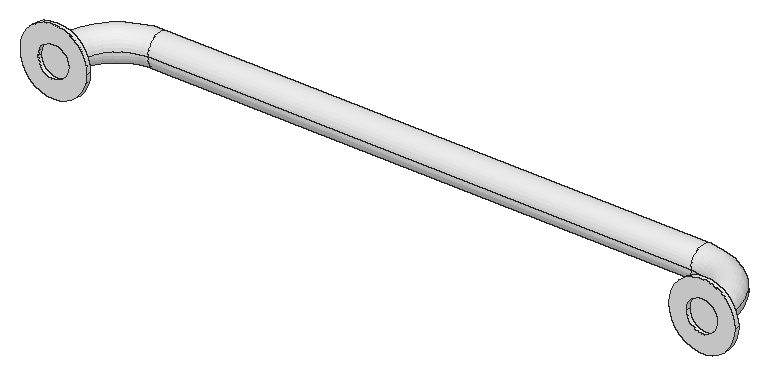
Revit family "706570001_Barra De Seguridad 30 Pulg", category Plumbing Fixtures, host Wall, Revit 2020
Family settings
  Host = Wall
  Round Connector Dimension = Use Diameter
  Part Type = Normal
  OmniClass Number = 23.31.00.00
  OmniClass Title = Plumbing Specific Products and Equipment
  Always vertical = Yes
  Cut with Voids When Loaded = No
  Shared = No
  Room Calculation Point = No
Parameters (values of type "Barra De Seguridad 30"")
  URL = "https://corona.co/productos/accesorios/barra-de-seguridad-30-pulgadas/p/706570001"
  Soporte de carga = "200 Kg."  # constant formula
  Referencia = "706570001"  # constant formula
  Recubrimientos = "-Material: Acero inoxidable SUS 304. -Resistente a la corrosión, pelado y decoloración por agua. -Condición de servicio recomendada, uso doméstico e institucional."  # constant formula
  Profundidad = 78.80 mm  # constant formula
  Model = "Barra de seguridad 30P"  # constant formula
  Material = Corona_Acabado_Satinado
  Manufacturer = "Corona"  # constant formula
  Longitud = 762.00 mm  # constant formula
  Fecha de creación = "12/04/2021"  # constant formula
  Description = "Barra en acero inoxidable 304. Con tornillos de anclaje en acero inoxidable \r\npara evitar la corrosión. Con escudos protectores que cubren los tonillos. \r\nElemento de mobiliario para el apoyo, seguridad y protección de usuarios \r\nque acompaña la dirección de una circulación."  # constant formula
  Default Elevation = 0.00 mm
  Cuidado Y Limpieza = "Para prolongar y preservar las cualidades del acero es vital que la limpieza profunda del producto se haga únicamente con agua y jabón suave y que en el secado y el brillo se utilice un paño de algodón limpio, dicha limpieza se recomienda 2 veces a la semana, y en zonas costeras a diario por la salinidad del ambiente. Por ningún motivo deben usarse elementos abrasivos, ácidos o disolventes para la limpieza del producto. (ácido muriático, ácido sulfúrico, yodo, derivados del cloro, amoniaco, blanqueadores.) Los acabados pueden variar su comportamiento en zonas costeras y/o en ambientes corrosivos. En referencias satinadas limpie en el sentido del pulido del acero."  # constant formula
  Creado por = "BIMBAU"  # constant formula
Reference planes
  plane 1 "Wall": y = 0
  plane 2 "Center (Left/Right)": x = 125
  plane 3 "Back": y = 75
  plane 4: x = -256
  plane 5: x = 506
  plane 6: y = 153.8
  plane 7: z = 1200
  plane 8: z = 1239.25
  plane 9: x = -295.25
  plane 10: z = 1160.75
  plane 11: x = 545.25
  plane 12: y = 172.3
  plane 13 "Back": y = 75
  plane 14: x = -256
  plane 15: x = 506
  plane 16: y = 153.8
  plane 17: z = 1200
Forms (mm)
  Sweep 1, solid, material "Corona_Acabado_Satinado" <- "Material", detail levels medium+fine
    path origin (0, 0, 0) x (1, 0, 0) y (0, 1, 0)
      loop
        line (-256, 79.5) -> (-256, 91.8)
        arc (-256, 91.8) -> (-237.841, 135.641) -> (-194, 153.8) r 62
        line (-194, 153.8) -> (444, 153.8)
        arc (444, 153.8) -> (487.841, 135.641) -> (506, 91.8) r 62
        line (506, 91.8) -> (506, 79.5)
    profile origin (-256, 85.65, 0) x (-1, 0, 0) y (0, 0, 1)
      loop
        circle (0, 1200) r 18.5
  Extrusion 2, solid, material "Corona_Acabado_Satinado" <- "Material", detail levels medium+fine
    sketch origin (0, 0.074, 0) x (1, 0, 0) y (0, 0, 1)
      loop
        circle (506, 1200) r 39.25
      loop
        circle (506, 1200) r 18.5
    from -79.426 to -74.926
  Extrusion 3, solid, material "Corona_Acabado_Satinado" <- "Material", detail levels medium+fine
    sketch origin (250, 0.074, 0) x (-1, 0, 0) y (0, 0, -1)
      loop
        circle (506, -1200) r 39.25
      loop
        circle (506, -1200) r 18.5
    from -79.426 to -74.926
  Extrusion 4, solid, material "Corona_Acabado_Satinado" <- "Material", detail levels coarse
    sketch origin (0, 0, 0) x (1, 0, 0) y (0, 1, 0)
      loop
        line (-295.25, 172.3) -> (-295.25, 75) -> (545.25, 75) -> (545.25, 172.3) -> (-295.25, 172.3)
    from 1160.75 to 1239.25
  Sweep 5, solid, material "Corona_Acabado_Satinado" <- "Material", not visible, detail levels medium+fine
    path origin (0, 0, 0) x (1, 0, 0) y (0, 1, 0)
      loop
        line (-256, 79.5) -> (-256, 91.8)
        arc (-256, 91.8) -> (-237.841, 135.641) -> (-194, 153.8) r 62
        line (-194, 153.8) -> (444, 153.8)
        arc (444, 153.8) -> (487.841, 135.641) -> (506, 91.8) r 62
        line (506, 91.8) -> (506, 79.5)
    profile origin (-256, 85.65, 0) x (-1, 0, 0) y (0, 0, 1)
      loop
        circle (0, 1200) r 18.5
  Extrusion 6, solid, material "Corona_Acabado_Satinado" <- "Material", not visible, detail levels medium+fine
    sketch origin (0, 0.074, 0) x (1, 0, 0) y (0, 0, 1)
      loop
        circle (506, 1200) r 39.25
      loop
        circle (506, 1200) r 18.5
    from -79.426 to -74.926
  Extrusion 7, solid, material "Corona_Acabado_Satinado" <- "Material", not visible, detail levels medium+fine
    sketch origin (250, 0.074, 0) x (-1, 0, 0) y (0, 0, -1)
      loop
        circle (506, -1200) r 39.25
      loop
        circle (506, -1200) r 18.5
    from -79.426 to -74.926
Text (mm)
  text "Placement Side" at (-1848.837, 1116.779, 0), in view "Ref. Level"
  text "Placement side" at (0, 1409.804, 2854.306), in view "Left"
  text "Placement side" at (0, 499.811, 2980.732), in view "Right"
Dimensions and locks
  locked: plane 3 "Back" to host wall
  "Longitud": plane 4 to plane 5
  "Profundidad": plane 3 "Back" to plane 6
  equal spacing: plane 4, plane 2 "Center (Left/Right)", plane 5
  aligned and locked: plane 1 "Wall" to host wall
  aligned and locked: Extrusion 3 to host wall
Automatic sketch dimensions
  Sweep 1 sketch curve to profile plane = 0.00 mm
  profile plane to Sweep 1 sketch curve = 18.50 mm
  Extrusion 2 sketch curve to Extrusion 2 sketch curve = 0.00 mm  (x4)
  Extrusion 3 sketch curve to Extrusion 3 sketch curve = 0.00 mm  (x4)
  Extrusion 4 sketch curve to host wall = 0.00 mm
  Extrusion 4 sketch curve to plane 9 = 0.00 mm
  Extrusion 4 sketch curve to plane 11 = 0.00 mm
  Extrusion 4 sketch curve to plane 12 = 0.00 mm
  Sweep 1 sketch curve to Sweep 1 sketch curve = 62.00 mm  (x2)
  Sweep 1 sketch curve to Sweep 1 sketch curve = 638.00 mm
  Sweep 1 sketch curve to Sweep 1 sketch curve = 12.30 mm  (x2)
  Sweep 1 sketch curve to Sweep 1 sketch curve = 0.00 mm
  profile plane to Sweep 1 sketch curve = 1200.00 mm
  Sweep 5 sketch curve to profile plane = 0.00 mm
  profile plane to Sweep 5 sketch curve = 18.50 mm
  Extrusion 6 sketch curve to Extrusion 6 sketch curve = 0.00 mm  (x4)
  Extrusion 7 sketch curve to Extrusion 7 sketch curve = 0.00 mm  (x4)
  Sweep 5 sketch curve to Sweep 5 sketch curve = 62.00 mm  (x2)
  Sweep 5 sketch curve to Sweep 5 sketch curve = 638.00 mm
  Sweep 5 sketch curve to Sweep 5 sketch curve = 12.30 mm  (x2)
  Sweep 5 sketch curve to Sweep 5 sketch curve = 0.00 mm
  profile plane to Sweep 5 sketch curve = 1200.00 mm
  radius of Extrusion 2 sketch curve = 39.25 mm
  radius of Extrusion 2 sketch curve = 18.50 mm
  radius of Extrusion 3 sketch curve = 39.25 mm
  radius of Extrusion 3 sketch curve = 18.50 mm
  radius of Extrusion 6 sketch curve = 39.25 mm
  radius of Extrusion 6 sketch curve = 18.50 mm
  radius of Extrusion 7 sketch curve = 39.25 mm
  radius of Extrusion 7 sketch curve = 18.50 mm
